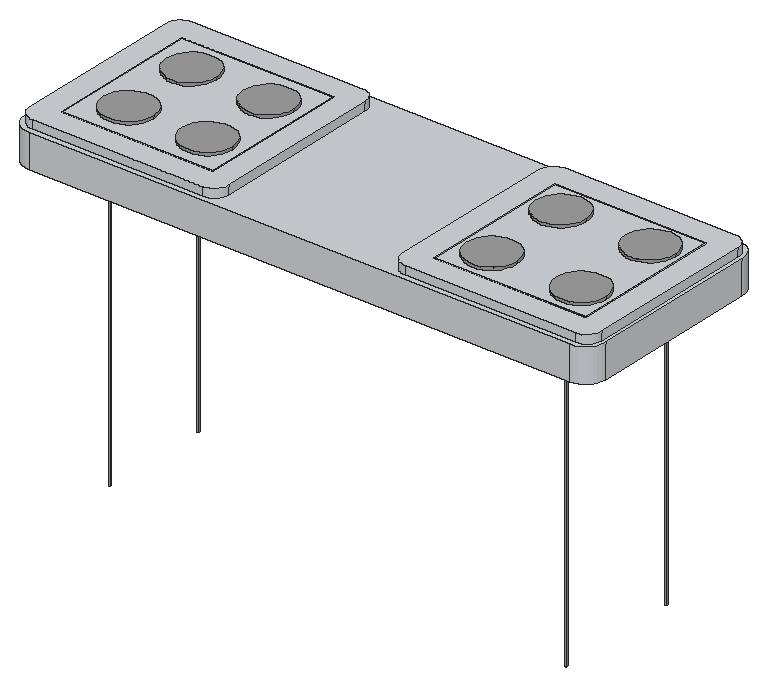
Revit family "Lighting-Industrial-GEWISS-SMART[4]HLO_HIGHBAYS-LED_2M_DALI", category Apparecchi per illuminazione, Revit 2019
Family settings
  Quota connettore circolare = Usa diametro
  Tipo di parte = Normale
  Numero OmniClass = 23.80.70.00
  Titolo OmniClass = Lighting
  Basato su piano di lavoro = Sì
  Sempre verticale = No
  Taglio con vuoti quando caricato = No
  Sorgente d'illuminazione = No
  Condiviso = No
  Punto di calcolo locali = No
Parameters (values of type "GWS4223BQ857 - SMART4HB 2M C.PAS.DALI HLO ELL.57K")
  Wiring = "With GW connect watertight connector"
  Weight (kg): = "6,5"
  Warranty = "5 years"
  Voltaggio = 230 V
  Version file RFA = "20.11"
  Unique digital code (Datamatrix) = "Datamatrix"
  Unified Glare Rating = "-"
  URL = "https://www.gewiss.com/ww/en"
  Type of light source = "LED - Not replaceable"
  Tilt- = "With bracket accessory"
  Technical sheet = "https://www.gewiss.com/ww/en/search?q=GWS4223BQ857"
  System power = "125W"
  Supply voltage = "220 - 240 V"
  Stocking temperature = "-40 +70 °C"
  Standards and approvals = "-"
  Standard- = "EN 60598-1 ; EN 60598-2-1 ; EN 60598-2-24"
  Standard Deviation Colour Matching = "SDCM = 3"
  Spostamento_y_etichetta [instance] = 0 mm
  Spostamento_y_effettivo_etichetta [instance] = 1500 mm - Spostamento_y_etichetta  # 1500 mm
  Spostamento_x_etichetta [instance] = 0 mm
  Spostamento_X_effettivo_etichetta [instance] = 1500 mm - Spostamento_x_etichetta  # 1500 mm
  Shock resistance = "IK08"
  Shield type = "Tempered glass Thickness 4mm"
  SEO = "High bay"
  Realized by GEWISS S.p.A. = ""
  Rated frequency (Hz) = "50/60 Hz"
  Produttore = "GEWISS S.p.A."
  Photobiological Risk Class = "RG0"
  Overvoltage protection = "DM 6 kV / CM 10 kV"
  Optic and illuminating features = "-"
  Optic Maintenance = "Non-replaceable"
  Optic : = "Metallic PC reflector and PMMA lenses"
  Optic = "Elliptical"
  Operating temperature : = "-30°C ÷ +50 °C"
  Offset etichetta W [instance] = 150 mm
  Mouting and installation = "Ceiling - Wallmounting - Suspension"
  Modello = "GWS4223BQ857"
  Maximum surface exposed to the wind : = "0,184 m²"
  Materials = "-"
  Luminaire = "LED Industrial Reflector "
  Lumen output (lm) = "16000"
  Locking Hook = "-"
  Lifetime = "L90B10 (Tq+25°C) = 100.000 h - L90B10 (Tq+50°C) = 50.000 h"
  Lampada = "LED"
  LED Maintenance = "Non-replaceable"
  Insulation class = "I"
  Installationa and maintenance = "-"
  Immagine tipo = GWL1311.jpg
  IPEA = "-"
  IP degree = "IP66"
  IFC.TypeObject = ""
  IFC.ExportType = ""
  IFC.ExportAs = ""
  IDT = "39c294b6b8a14fd39c4f066ec01eb55a"
  IDF = "f4da8922-e4a4-4281-b810-fd63fbdeb46b"
  Glow Wire Test : = "850 °C"
  General information = "-"
  Gasket = "anti-aging silicone"
  Fixing = "-"
  External screw = "Stainless steel"
  Etichetta wattaggio [instance] = yes
  Trasformatore = none
  Struttura plafoniera = none
  Spessore plafoniera = 40 mm  # constant formula
  Default Elevation = 1219.2 mm  # constant formula
  Proiettsmart2_simb [instance] = yes
  Plafoniera bidimensionale [instance] = not(Proiettsmart2_simb)  # no
  Eletrical and lighting features = "-"
  Electrocod = "2444"
  Efficiency (lm/W) = "128"
  Driver Box = "Built-in"
  Driver = "Included"
  Device with reduced surface temperature = "Yes"
  Descrizione = "SMART[4]HB 2M C.PAS.DALI HLO ELL.57K"
  DIN 18032-3 certification = "With Bracket - Rope Kit + terminal&nbsp;(in approval)"
  Control System : = "DALI"
  Control System = "1 x DALI DT6"
  Context = "Lighting for industries and sports facilities"
  Commenti sul wattaggio = "97W"
  Colour temperature = "5700K"
  Colour : = "Grey RAL 7035"
  Colour = "Grey RAL 7035"
  Color Rendering Index = "CRI-80"
  Classificazione = Lighting
  Classification: = "-"
  Catalogue = "LIGHTING"
  Carico apparente = 97 VA
  Motore = none
  Mascherina = none
  Lunghezza = 699 mm  # constant formula
  Larghezza = 254 mm  # constant formula
  Distanza_tot_plafoniera [instance] = 350 mm
  Dist_sorg_lum = 10 mm  # constant formula
  COBie.Tagnumber = ""
  COBie.CreatedOn = ""
  COBie.CreatebBy = ""
  COBie.ComponentRegisterItemID = ""
  COBie.Component.TagNumber = ""
  COBie.Component.Space = ""
  COBie.Component.SerialNumber = ""
  COBie.Component.InstallationDate = ""
  COBie.Component.Description = ""
  COBie.Component.BarCode = ""
  Body = "PA6 \"Halogen Free\" loaded fibreglass"
  Application = "Internal"
Types (36, lengths in mm): name | Unified Glare Rating | Technical sheet | SEO | Optic : | Optic | Modello | Lumen output (lm) | IDT | Efficiency (lm/W) | Descrizione | Colour temperature
  GWS4221BA830 - SMART4HB 2M ST.AL.DALI HLO ARR.30K | "-" | "https://www.gewiss.com/ww/en/search?q=GWS4221BA830" | "" | "Metallized polycarbonate reflector" | "Array" | "GWS4221BA830" | "17200" | "305e0802b2884175b0874d66c9454589" | "138" | "SMART[4]HB 2M ST.AL.DALI HLO ARR.30K" | "3000K"
  GWS4221BA840 - SMART4HB 2M ST.AL.DALI HLO ARR.40K | "-" | "https://www.gewiss.com/ww/en/search?q=GWS4221BA840" | "" | "Metallized polycarbonate reflector" | "Array" | "GWS4221BA840" | "18000" | "48319b3e242d4ee285eba191c9bc2b0f" | "144" | "SMART[4]HB 2M ST.AL.DALI HLO ARR.40K" | "4000K"
  GWS4221BA857 - SMART4HB 2M ST.AL.DALI HLO ARR.57K | "-" | "https://www.gewiss.com/ww/en/search?q=GWS4221BA857" | "" | "Metallized polycarbonate reflector" | "Array" | "GWS4221BA857" | "18000" | "3c1aeb9812f744e1b2b858ce26ab9a16" | "144" | "SMART[4]HB 2M ST.AL.DALI HLO ARR.57K" | "5700K"
  GWS4221BC830 - SMART4HB 2M ST.AL.DALI HLO ASI.30K | "-" | "https://www.gewiss.com/ww/en/search?q=GWS4221BC830" | "High bay" | "Metallic PC reflector and PMMA lenses" | "Asymmetrical" | "GWS4221BC830" | "15300" | "7c4953b1abbe41f4958dd8a6f2de9172" | "122" | "SMART[4]HB 2M ST.AL.DALI HLO ASI.30K" | "3000K"
  GWS4221BC840 - SMART4HB 2M ST.AL.DALI HLO ASI.40K | "-" | "https://www.gewiss.com/ww/en/search?q=GWS4221BC840" | "High bay" | "Metallic PC reflector and PMMA lenses" | "Asymmetrical" | "GWS4221BC840" | "16000" | "e99936a2076548a6b28538c318da1b29" | "128" | "SMART[4]HB 2M ST.AL.DALI HLO ASI.40K" | "4000K"
  GWS4221BC857 - SMART4HB 2M ST.AL.DALI HLO ASI.57K | "-" | "https://www.gewiss.com/ww/en/search?q=GWS4221BC857" | "High bay" | "Metallic PC reflector and PMMA lenses" | "Asymmetrical" | "GWS4221BC857" | "16000" | "32a4a94094b94617b264ea332f4f5866" | "128" | "SMART[4]HB 2M ST.AL.DALI HLO ASI.57K" | "5700K"
  GWS4221BF830 - SMART4HB 2M ST.AL.DALI HLO 30° 30K | "UGR - 19" | "https://www.gewiss.com/ww/en/search?q=GWS4221BF830" | "" | "Metallic PC reflector and PMMA lenses" | "30°" | "GWS4221BF830" | "16800" | "5d796a9debff438fbed19822c3126807" | "134" | "SMART[4]HB 2M ST.AL.DALI HLO 30° 30K" | "3000K"
  GWS4221BF840 - SMART4HB 2M ST.AL.DALI HLO 30° 40K | "UGR - 19" | "https://www.gewiss.com/ww/en/search?q=GWS4221BF840" | "" | "Metallic PC reflector and PMMA lenses" | "30°" | "GWS4221BF840" | "17600" | "3dde815b2b5e4de4a401dcf715a18fa9" | "141" | "SMART[4]HB 2M ST.AL.DALI HLO 30° 40K" | "4000K"
  GWS4221BF857 - SMART4HB 2M ST.AL.DALI HLO 30° 57K | "UGR - 19" | "https://www.gewiss.com/ww/en/search?q=GWS4221BF857" | "" | "Metallic PC reflector and PMMA lenses" | "30°" | "GWS4221BF857" | "17600" | "257de16ae83b4cedbe76fd9b6356118a" | "141" | "SMART[4]HB 2M ST.AL.DALI HLO 30° 57K" | "5700K"
  GWS4221BH830 - SMART4HB 2M ST.AL.DALI HLO 60° 30K | "UGR - 22" | "https://www.gewiss.com/ww/en/search?q=GWS4221BH830" | "" | "Metallic PC reflector and PMMA lenses" | "60°" | "GWS4221BH830" | "16900" | "10869d9e82b04fc0b956685fb65c71b2" | "135" | "SMART[4]HB 2M ST.AL.DALI HLO 60° 30K" | "3000K"
  GWS4221BH840 - SMART4HB 2M ST.AL.DALI HLO 60° 40K | "UGR - 22" | "https://www.gewiss.com/ww/en/search?q=GWS4221BH840" | "" | "Metallic PC reflector and PMMA lenses" | "60°" | "GWS4221BH840" | "17700" | "f1c80ae7559e4c568e0ba52d3bc9e502" | "142" | "SMART[4]HB 2M ST.AL.DALI HLO 60° 40K" | "4000K"
  GWS4221BH857 - SMART4HB 2M ST.AL.DALI HLO 60° 57K | "UGR - 22" | "https://www.gewiss.com/ww/en/search?q=GWS4221BH857" | "" | "Metallic PC reflector and PMMA lenses" | "60°" | "GWS4221BH857" | "17700" | "61e26b36097849a9ba1caefbbecaa66f" | "142" | "SMART[4]HB 2M ST.AL.DALI HLO 60° 57K" | "5700K"
  GWS4221BP830 - SMART4HB 2M ST.AL.DALI HLO 90° 30K | "UGR - 25" | "https://www.gewiss.com/ww/en/search?q=GWS4221BP830" | "" | "Metallic PC reflector and PMMA lenses" | "90°" | "GWS4221BP830" | "17200" | "8468c4e85319452487319a8fe9c7d5da" | "138" | "SMART[4]HB 2M ST.AL.DALI HLO 90° 30K" | "3000K"
  GWS4221BP840 - SMART4HB 2M ST.AL.DALI HLO 90° 40K | "UGR - 25" | "https://www.gewiss.com/ww/en/search?q=GWS4221BP840" | "" | "Metallic PC reflector and PMMA lenses" | "90°" | "GWS4221BP840" | "18000" | "f79bd0b1581246f18cf113cb2fa03b1b" | "144" | "SMART[4]HB 2M ST.AL.DALI HLO 90° 40K" | "4000K"
  GWS4221BP857 - SMART4HB 2M ST.AL.DALI HLO 90° 57K | "UGR - 25" | "https://www.gewiss.com/ww/en/search?q=GWS4221BP857" | "" | "Metallic PC reflector and PMMA lenses" | "90°" | "GWS4221BP857" | "18000" | "e50bbcf79bf04bb5a448bffeeb5c8177" | "144" | "SMART[4]HB 2M ST.AL.DALI HLO 90° 57K" | "5700K"
  GWS4221BQ830 - SMART4HB 2M ST.AL.DALI HLO ELL.30K | "-" | "https://www.gewiss.com/ww/en/search?q=GWS4221BQ830" | "High bay" | "Metallic PC reflector and PMMA lenses" | "Elliptical" | "GWS4221BQ830" | "15300" | "fa7b02eb74d142a69aadf27734c070be" | "122" | "SMART[4]HB 2M ST.AL.DALI HLO ELL.30K" | "3000K"
  GWS4221BQ840 - SMART4HB 2M ST.AL.DALI HLO ELL.40K | "-" | "https://www.gewiss.com/ww/en/search?q=GWS4221BQ840" | "High bay" | "Metallic PC reflector and PMMA lenses" | "Elliptical" | "GWS4221BQ840" | "16000" | "fe351b05a0584da595ccc50c46de26b2" | "128" | "SMART[4]HB 2M ST.AL.DALI HLO ELL.40K" | "4000K"
  GWS4221BQ857 - SMART4HB 2M ST.AL.DALI HLO ELL.57K | "-" | "https://www.gewiss.com/ww/en/search?q=GWS4221BQ857" | "High bay" | "Metallic PC reflector and PMMA lenses" | "Elliptical" | "GWS4221BQ857" | "16000" | "955ba562132b47e784c48787841d2224" | "128" | "SMART[4]HB 2M ST.AL.DALI HLO ELL.57K" | "5700K"
  GWS4223BA830 - SMART4HB 2M C.PAS.DALI HLO ARR.30K | "-" | "https://www.gewiss.com/ww/en/search?q=GWS4223BA830" | "" | "Metallized polycarbonate reflector" | "Array" | "GWS4223BA830" | "17200" | "09dd760ece9d4a65acaa602b856d1918" | "138" | "SMART[4]HB 2M C.PAS.DALI HLO ARR.30K" | "3000K"
  GWS4223BA840 - SMART4HB 2M C.PAS.DALI HLO ARR.40K | "-" | "https://www.gewiss.com/ww/en/search?q=GWS4223BA840" | "" | "Metallized polycarbonate reflector" | "Array" | "GWS4223BA840" | "18000" | "d71b1d5af3e145a4a84e8baba757184d" | "144" | "SMART[4]HB 2M C.PAS.DALI HLO ARR.40K" | "4000K"
  GWS4223BA857 - SMART4HB 2M C.PAS.DALI HLO ARR.57K | "-" | "https://www.gewiss.com/ww/en/search?q=GWS4223BA857" | "" | "Metallized polycarbonate reflector" | "Array" | "GWS4223BA857" | "18000" | "9a65faef871548169786bdd6eff75723" | "144" | "SMART[4]HB 2M C.PAS.DALI HLO ARR.57K" | "5700K"
  GWS4223BC830 - SMART4HB 2M C.PAS.DALI HLO ASI.30K | "-" | "https://www.gewiss.com/ww/en/search?q=GWS4223BC830" | "High bay" | "Metallic PC reflector and PMMA lenses" | "Asymmetrical" | "GWS4223BC830" | "15300" | "bacae56842af4feb960765c1a2b9d270" | "122" | "SMART[4]HB 2M C.PAS.DALI HLO ASI.30K" | "3000K"
  GWS4223BC840 - SMART4HB 2M C.PAS.DALI HLO ASI.40K | "-" | "https://www.gewiss.com/ww/en/search?q=GWS4223BC840" | "High bay" | "Metallic PC reflector and PMMA lenses" | "Asymmetrical" | "GWS4223BC840" | "16000" | "3c3e554b3ea249ee9d799c9974c81e16" | "128" | "SMART[4]HB 2M C.PAS.DALI HLO ASI.40K" | "4000K"
  GWS4223BC857 - SMART4HB 2M C.PAS.DALI HLO ASI.57K | "-" | "https://www.gewiss.com/ww/en/search?q=GWS4223BC857" | "High bay" | "Metallic PC reflector and PMMA lenses" | "Asymmetrical" | "GWS4223BC857" | "16000" | "668010aa2dbd41f8aef7a826e166a478" | "128" | "SMART[4]HB 2M C.PAS.DALI HLO ASI.57K" | "5700K"
  GWS4223BF830 - SMART4HB 2M C.PAS.DALI HLO 30° 30K | "UGR - 19" | "https://www.gewiss.com/ww/en/search?q=GWS4223BF830" | "" | "Metallic PC reflector and PMMA lenses" | "30°" | "GWS4223BF830" | "16800" | "c2b793b1af36458690d7cd9fce4669f2" | "134" | "SMART[4]HB 2M C.PAS.DALI HLO 30° 30K" | "3000K"
  GWS4223BF840 - SMART4HB 2M C.PAS.DALI HLO 30° 40K | "UGR - 19" | "https://www.gewiss.com/ww/en/search?q=GWS4223BF840" | "" | "Metallic PC reflector and PMMA lenses" | "30°" | "GWS4223BF840" | "17600" | "da9d660181c14e68a118e0de6e40edab" | "141" | "SMART[4]HB 2M C.PAS.DALI HLO 30° 40K" | "4000K"
  GWS4223BF857 - SMART4HB 2M C.PAS.DALI HLO 30° 57K | "UGR - 19" | "https://www.gewiss.com/ww/en/search?q=GWS4223BF857" | "" | "Metallic PC reflector and PMMA lenses" | "30°" | "GWS4223BF857" | "17600" | "c8d049504ebf4cf1a9a7d355a2686192" | "141" | "SMART[4]HB 2M C.PAS.DALI HLO 30° 57K" | "5700K"
  GWS4223BH830 - SMART4HB 2M C.PAS.DALI HLO 60° 30K | "UGR - 22" | "https://www.gewiss.com/ww/en/search?q=GWS4223BH830" | "" | "Metallic PC reflector and PMMA lenses" | "60°" | "GWS4223BH830" | "16900" | "4d4218b0c72d4efaaca4012e7a23380b" | "135" | "SMART[4]HB 2M C.PAS.DALI HLO 60° 30K" | "3000K"
  GWS4223BH840 - SMART4HB 2M C.PAS.DALI HLO 60° 40K | "UGR - 22" | "https://www.gewiss.com/ww/en/search?q=GWS4223BH840" | "" | "Metallic PC reflector and PMMA lenses" | "60°" | "GWS4223BH840" | "17700" | "568d756372c746129af189eb7106c012" | "142" | "SMART[4]HB 2M C.PAS.DALI HLO 60° 40K" | "4000K"
  GWS4223BH857 - SMART4HB 2M C.PAS.DALI HLO 60° 57K | "UGR - 22" | "https://www.gewiss.com/ww/en/search?q=GWS4223BH857" | "" | "Metallic PC reflector and PMMA lenses" | "60°" | "GWS4223BH857" | "17700" | "cceff376ef5b4e8995f045f2c5f3c4ba" | "142" | "SMART[4]HB 2M C.PAS.DALI HLO 60° 57K" | "5700K"
  GWS4223BP830 - SMART4HB 2M C.PAS.DALI HLO 90° 30K | "UGR - 25" | "https://www.gewiss.com/ww/en/search?q=GWS4223BP830" | "" | "Metallic PC reflector and PMMA lenses" | "90°" | "GWS4223BP830" | "17200" | "2d2d75176468466c8814f44ae1f5afd7" | "138" | "SMART[4]HB 2M C.PAS.DALI HLO 90° 30K" | "3000K"
  GWS4223BP840 - SMART4HB 2M C.PAS.DALI HLO 90° 40K | "UGR - 25" | "https://www.gewiss.com/ww/en/search?q=GWS4223BP840" | "" | "Metallic PC reflector and PMMA lenses" | "90°" | "GWS4223BP840" | "18000" | "082f14df5728403b94540236ceea066b" | "144" | "SMART[4]HB 2M C.PAS.DALI HLO 90° 40K" | "4000K"
  GWS4223BP857 - SMART4HB 2M C.PAS.DALI HLO 90° 57K | "UGR - 25" | "https://www.gewiss.com/ww/en/search?q=GWS4223BP857" | "" | "Metallic PC reflector and PMMA lenses" | "90°" | "GWS4223BP857" | "18000" | "5ca4f557298944859cfae75bda091273" | "144" | "SMART[4]HB 2M C.PAS.DALI HLO 90° 57K" | "5700K"
  GWS4223BQ830 - SMART4HB 2M C.PAS.DALI HLO ELL.30K | "-" | "https://www.gewiss.com/ww/en/search?q=GWS4223BQ830" | "High bay" | "Metallic PC reflector and PMMA lenses" | "Elliptical" | "GWS4223BQ830" | "15300" | "af831e7ad3cb431ba3228858a17b9c0a" | "122" | "SMART[4]HB 2M C.PAS.DALI HLO ELL.30K" | "3000K"
  GWS4223BQ840 - SMART4HB 2M C.PAS.DALI HLO ELL.40K | "-" | "https://www.gewiss.com/ww/en/search?q=GWS4223BQ840" | "High bay" | "Metallic PC reflector and PMMA lenses" | "Elliptical" | "GWS4223BQ840" | "16000" | "e7a13dc711434b819b8df68dc097b4dc" | "128" | "SMART[4]HB 2M C.PAS.DALI HLO ELL.40K" | "4000K"
  GWS4223BQ857 - SMART4HB 2M C.PAS.DALI HLO ELL.57K | "-" | "https://www.gewiss.com/ww/en/search?q=GWS4223BQ857" | "High bay" | "Metallic PC reflector and PMMA lenses" | "Elliptical" | "GWS4223BQ857" | "16000" | "39c294b6b8a14fd39c4f066ec01eb55a" | "128" | "SMART[4]HB 2M C.PAS.DALI HLO ELL.57K" | "5700K"
Reference planes
  plane 1 "Asse sorgente illuminazione (F/B)": y = 0
  plane 2: z = 0
  plane 3 "Asse sorgente illuminazione (L/R)": x = 0
  plane 4 "Prospetto sorgente di illuminazione": z = 1500
  plane 5: x = -349.5
  plane 6: y = 127
  plane 7: x = 349.5
  plane 8: y = -127
  plane 9: x = 344.5
  plane 10: x = -344.5
  plane 11: x = -104.5
  plane 12: x = 104.5
  plane 13: y = -1500
  plane 14: z = 390
  plane 15: z = 390
  plane 16: z = 400
  plane 17: z = 350
  plane 18: y = 0
  plane 19: x = -1500
  plane 20: x = 0
Dimensions and locks
  equal spacing: plane 6, plane 1 "Asse sorgente illuminazione (F/B)", plane 8
  "Larghezza": plane 6 to plane 8
  equal spacing: plane 5, plane 3 "Asse sorgente illuminazione (L/R)", plane 7
  "Lunghezza": plane 5 to plane 7
  locked: plane 5 to plane 10 at 5
  locked: plane 9 to plane 7 at 5
  locked: plane 16 to plane 14 at 10
  locked: plane 15 to plane 17 at 40
  "Distanza_tot_plafoniera": plane 17 to plane 2
  plane 1 "Asse sorgente illuminazione (F/B)" to plane 13 = 1500 mm
  "Spostamento_y_effettivo_etichetta": plane 18 to plane 13
  plane 19 to plane 3 "Asse sorgente illuminazione (L/R)" = 1500 mm
  "Spostamento_X_effettivo_etichetta": plane 19 to plane 20
  aligned and locked: level to plane 2
  aligned and locked: nested 15 to plane 14
  aligned and locked: plane 14 to nested 16
  aligned and locked: plane 16 to nested 8
  aligned and locked: nested 6 to plane 16
  aligned and locked: plane 16 to nested 7
  aligned and locked: nested 5 to plane 16
  aligned and locked: nested 3 to plane 16
  aligned and locked: plane 16 to nested 1
  aligned and locked: nested 4 to plane 16
  aligned and locked: plane 16 to nested 2
  aligned and locked: nested 11 to plane 2  (x2)
  aligned and locked: nested 10 to plane 2
  aligned and locked: nested 9 to plane 2
  aligned and locked: plane 14 to plane 15
  aligned and locked: plane 17 to nested 14
  aligned and locked: nested 17 to plane 18
  aligned and locked: nested 17 to plane 20
  aligned and locked: plane 2 to nested 18
  aligned and locked: plane 2 to nested 11
Nested families
  nested 1: "Gewis - Led" at (171.717, 52, 403), type "Gewis - Led", detail levels medium+fine
  nested 2: "Gewis - Led" at (279.5, 52, 403), type "Gewis - Led", detail levels medium+fine
  nested 3: "Gewis - Led" at (171.717, -52, 403), type "Gewis - Led", detail levels medium+fine
  nested 4: "Gewis - Led" at (279.5, -52, 403), type "Gewis - Led", detail levels medium+fine
  nested 5: "Gewis - Led" at (-174.5, 45, 403) x (-1, 0, 0) z (0, 0, 1), type "Gewis - Led", detail levels medium+fine
  nested 6: "Gewis - Led" at (-269.5, 47.625, 403) x (-1, 0, 0) z (0, 0, 1), type "Gewis - Led", detail levels medium+fine
  nested 7: "Gewis - Led" at (-174.5, -47.089, 403) x (-1, 0, 0) z (0, 0, 1), type "Gewis - Led", detail levels medium+fine
  nested 8: "Gewis - Led" at (-269.5, -47.089, 403) x (-1, 0, 0) z (0, 0, 1), type "Gewis - Led", detail levels medium+fine
  nested 9: "Sospensione_ SMART LAB 4" at (274.838, 81.5, 0), Altezza sospensione <- "Distanza_tot_plafoniera", type "Sospensione_ SMART LAB 4"
    with Altezza sospensione 350 mm, Default Elevation 350 mm
  nested 10: "Sospensione_ SMART LAB 4" at (274.838, -69, 0), Altezza sospensione <- "Distanza_tot_plafoniera", type "Sospensione_ SMART LAB 4"
    with Altezza sospensione 350 mm, Default Elevation 350 mm
  nested 11: "Sospensione_ SMART LAB 4" at (-276.662, -66.5, 0), Altezza sospensione <- "Distanza_tot_plafoniera", type "Sospensione_ SMART LAB 4"
    with Altezza sospensione 350 mm, Default Elevation 350 mm
  nested 12: "PROIETTSMART - 2" at (0, 0, 0), visible <- "Proiettsmart2_simb", type "PROIETTSMART - 2"
  nested 13: "Rappr_ bidimensionale_SMART (4)  4 + 4 L " at (0, 0, 0), visible <- "Plafoniera bidimensionale", type "SMART (4)  4 + 4 L_bidimensionale "
  nested 14: "Struttura_SMART 4" at (0, 0, 390), type "SMART 4 HB - 4+4L"
  nested 15: "mascherina_SMART (4)" at (-224.5, 0, 400) x (-1, 0, 0) z (0, 0, 1), type "Maschera_smart (4) 4L", detail levels fine
  nested 16: "mascherina_SMART (4)" at (224.5, 0, 400), type "Maschera_smart (4) 4L", detail levels fine
  nested 17: "ETICHETTA LIGHT" at (0, 0, 0), type "ETICHETTA LIGHT"
  nested 18: "Sospensione_ SMART LAB 4" at (-276.662, 66.5, 0), Altezza sospensione <- "Distanza_tot_plafoniera", type "Sospensione_ SMART LAB 4"
    with Altezza sospensione 350 mm, Default Elevation 350 mm
Connectors
  electrical at (0.009, -0.098, 350), driven by "Carico apparente"
    settings: on nested 14, index 1, voltage 230 V, apparent load 0 VA, apparent load phase1 97 VA, apparent load phase2 0 VA, apparent load phase3 0 VA, power factor 1, load classification "Lighting", number of poles 2, system type 31, power factor state 1, is connector primary yes, connector utility no, sub classification motor no, connector description ""
Definition of nested family "Gewis - Led"
  Parameters (values of type "Gewis - Led")
    Vetro = none
    Raggio led = 30 mm
    Default Elevation = 1219.2 mm
    Estensione vetro = 3 mm
  Reference planes
    plane 1 "Centro (Fronte/Retro)": y = 0
    plane 2: z = 0
    plane 3 "Centro (Sinistra/Destra)": x = 0
  Forms (mm)
    Extrusion 1, solid, material <- "Vetro"
      sketch origin (0, 0, 0) x (1, 0, 0) y (0, 1, 0)
        loop
          circle (0, 0) r 30
      from -3 to 0
  Dimensions and locks
    "Estensione vetro": level to Extrusion 1
    "Raggio led": radius of Extrusion 1 sketch curve
    aligned and locked: level to plane 2
    aligned and locked: level to Extrusion 1
  Automatic sketch dimensions
    plane 1 "Centro (Fronte/Retro)" to Extrusion 1 sketch curve = 0 mm
    Extrusion 1 sketch curve to plane 3 "Centro (Sinistra/Destra)" = 0 mm
Definition of nested family "Sospensione_ SMART LAB 4"
  Parameters (values of type "Sospensione_ SMART LAB 4")
    Default Elevation = 400 mm
    Altezza sospensione [instance] = 500 mm
  Reference planes
    plane 1 "Center (Front/Back)": y = 0
    plane 2: z = 0
    plane 3 "Center (Left/Right)": x = 0
    plane 4: z = 500
    plane 5: z = 30.7
  Forms (mm)
    Extrusion 1, solid
      sketch origin (0, 0, 0) x (1, 0, 0) y (0, 1, 0)
        loop
          circle (0, -0.028) r 1.25
      from 0 to 500
  Lines and regions (mm)
    model lines, not visible
      curve 1: line (0, 0, 0) -> (0, 0, 9.482)
  Dimensions and locks
    "Altezza sospensione": plane 4 to level
    plane 2 to plane 4 = 500 mm
    aligned and locked: level to plane 2
    aligned and locked: Extrusion 1 to plane 2
    aligned and locked: plane 4 to Extrusion 1
  Automatic sketch dimensions
    Extrusion 1 sketch curve to plane 3 "Center (Left/Right)" = 0 mm
    plane 1 "Center (Front/Back)" to Extrusion 1 sketch curve = 0.028 mm
    curve 1 to plane 3 "Center (Left/Right)" = 0 mm
    curve 1 to level = 0 mm
    curve 1 to curve 1 = 9.482 mm
    radius of Extrusion 1 sketch curve = 1.25 mm
Definition of nested family "Struttura_SMART 4"
  Parameters (values of type "SMART 4 HB - 4+4L")
    Struttura plafoniera = none
    Spessore_plafoniera = 40 mm
    Lunghezza = 699 mm
    Larghezza = 254 mm
  Types (2, lengths in mm): name | Lunghezza | Larghezza
    SMART Lab (4) 4L | 383 | 253
    SMART 4 HB - 4+4L | 699 | 254
  Reference planes
    plane 1 "Asse sorgente illuminazione (F/B)": y = 0
    plane 2: z = 0
    plane 3 "Asse sorgente illuminazione (L/R)": x = 0
    plane 4 "Prospetto sorgente di illuminazione": z = -40
    plane 5 "SX": x = -349.5
    plane 6 "DX": x = 349.5
    plane 7 "DIETRO": y = 127
    plane 8 "AVANTI": y = -127
    plane 9: x = 106.5
    plane 10: x = 338.5
    plane 11: y = -116
    plane 12: y = 116
    plane 13: x = -338.5
    plane 14: x = -106.5
  Forms (mm)
    Extrusion 1, solid, material <- "Struttura plafoniera"
      sketch origin (0, 0, 0) x (1, 0, 0) y (0, 1, 0)
        loop
          line (349.5, -102.595) -> (349.5, 102.59)
          arc (349.5, 102.59) -> (342.35, 119.85) -> (325.09, 127) r 24.41
          line (325.09, 127) -> (-325.009, 127)
          arc (-325.009, 127) -> (-342.554, 119.6) -> (-349.5, 101.871) r 24.499
          line (-349.5, 101.871) -> (-349.5, -102.592)
          arc (-349.5, -102.592) -> (-342.351, -119.851) -> (-325.092, -127) r 24.408
          line (-325.092, -127) -> (325.117, -127)
          arc (325.117, -127) -> (342.334, -119.868) -> (349.465, -102.652) r 24.348
      from -40 to 0
  Dimensions and locks
    equal spacing: plane 5 "SX", plane 3 "Asse sorgente illuminazione (L/R)", plane 6 "DX"
    equal spacing: plane 7 "DIETRO", plane 1 "Asse sorgente illuminazione (F/B)", plane 8 "AVANTI"
    "Lunghezza": plane 5 "SX" to plane 6 "DX"
    "Larghezza": plane 7 "DIETRO" to plane 8 "AVANTI"
    locked: plane 7 "DIETRO" to plane 12 at 11
    locked: plane 11 to plane 8 "AVANTI" at 11
    locked: plane 10 to plane 6 "DX" at 11
    locked: plane 9 to plane 10 at 232
    plane 13 to plane 14 = 232 mm
    locked: plane 5 "SX" to plane 13 at 11
    "Spessore_plafoniera": plane 2 to plane 4 "Prospetto sorgente di illuminazione"
    aligned and locked: level to plane 2
    aligned and locked: Extrusion 1 to plane 5 "SX"
    aligned and locked: Extrusion 1 to plane 8 "AVANTI"  (x2)
    aligned and locked: plane 7 "DIETRO" to Extrusion 1
    aligned and locked: plane 6 "DX" to Extrusion 1
    aligned and locked: plane 4 "Prospetto sorgente di illuminazione" to Extrusion 1
    aligned and locked: plane 2 to Extrusion 1
  Automatic sketch dimensions
    Extrusion 1 sketch curve to plane 5 "SX" = 0 mm
    Extrusion 1 sketch curve to plane 8 "AVANTI" = 0 mm
    Extrusion 1 sketch curve to plane 7 "DIETRO" = 0 mm
    Extrusion 1 sketch curve to plane 6 "DX" = 0 mm
    plane 13 to Extrusion 1 sketch curve = 13.408 mm
    plane 13 to Extrusion 1 sketch curve = 13.491 mm
    Extrusion 1 sketch curve to plane 10 = 13.41 mm
    Extrusion 1 sketch curve to plane 10 = 13.383 mm
    plane 11 to Extrusion 1 sketch curve = 13.348 mm
    Extrusion 1 sketch curve to plane 12 = 14.129 mm
    Extrusion 1 sketch curve to Extrusion 1 sketch curve = 0.056 mm
Definition of nested family "mascherina_SMART (4)"
  Parameters (values of type "Maschera_smart (4) 4L")
    Spessore_mascherina = 10 mm
    Default Elevation = 1219.2 mm
    N.intarsi = (Lunghezza_mascherina - (Bordo * 2)) / 15 mm  # 12
    N._intarsi verticale = (Larghezza_mascherina - (Bordo * 2)) / 17 mm  # 11
    Mascherina = none
    Lunghezza_mascherina = 240 mm
    Larghezza_mascherina = 240 mm
    Distanza_intarsi v. = 41 mm  # constant formula
    Distanza_intarsi = 37 mm  # constant formula
    Bordo = 29 mm
  Reference planes
    plane 1 "Centro (Fronte/Retro)": y = 0
    plane 2: z = 0
    plane 3 "Centro (Sinistra/Destra)": x = 0
    plane 4: x = -120
    plane 5 "Dietro": y = 120
    plane 6: x = 120
    plane 7: y = -120
    plane 8: x = -91
    plane 9: y = -91
    plane 10: x = 91
    plane 11: y = 91
    plane 12: x = -83
    plane 13: y = 94.742
    plane 14: y = -95
    plane 15: z = -10
    plane 16: x = -95
    plane 17: y = 79
    plane 18: y = -79
    plane 19: x = 95
    plane 20: z = -4.799
  Forms (mm)
    Extrusion 1, solid, material <- "Mascherina"
      sketch origin (0, 0, 0) x (1, 0, 0) y (0, 1, 0)
        loop
          arc (-102.5, 120) -> (-114.874, 114.874) -> (-120, 102.5) r 17.5
          line (-120, 102.5) -> (-120, -102.5)
          arc (-120, -102.5) -> (-114.874, -114.874) -> (-102.5, -120) r 17.5
          line (-102.5, -120) -> (102.5, -120)
          arc (102.5, -120) -> (114.874, -114.874) -> (120, -102.5) r 17.5
          line (120, -102.5) -> (120, 102.5)
          arc (120, 102.5) -> (114.874, 114.874) -> (102.5, 120) r 17.5
          line (102.5, 120) -> (-102.5, 120)
        loop
          line (-91, 91) -> (-91, -91) -> (91, -91) -> (91, 91) -> (-91, 91)
      from -10 to 0
    Extrusion 2, solid, material <- "Mascherina"
      sketch origin (0, 0, 0) x (1, 0, 0) y (0, 1, 0)
        loop
          line (-91, 91) -> (-91, -91) -> (91, -91) -> (91, 91) -> (-91, 91)
      from -4.799 to 0
  Dimensions and locks
    equal spacing: plane 4, plane 3 "Centro (Sinistra/Destra)", plane 6
    "Lunghezza_mascherina": plane 4 to plane 6
    equal spacing: plane 5 "Dietro", plane 1 "Centro (Fronte/Retro)", plane 7
    "Larghezza_mascherina": plane 5 "Dietro" to plane 7
    "Bordo": plane 4 to plane 8
    "Bordo": plane 9 to plane 7
    "Bordo": plane 5 "Dietro" to plane 11
    "Bordo": plane 10 to plane 6
    "Distanza_intarsi": plane 4 to plane 12
    locked: plane 13 to plane 11 at 3.742
    "Spessore_mascherina": plane 2 to plane 15
    "Distanza_intarsi v.": plane 5 "Dietro" to plane 17
    "Distanza_intarsi v.": plane 18 to plane 7
    locked: plane 9 to plane 14 at 4
    locked: plane 16 to plane 8 at 4
    locked: plane 10 to plane 19 at 4
    locked: plane 2 to plane 20 at 4.799
    radius of Extrusion 1 sketch curve = 17.5 mm  (x4)
    aligned and locked: level to plane 2
    aligned and locked: plane 4 to Extrusion 1 sketch curve
    aligned and locked: plane 6 to Extrusion 1 sketch curve
    aligned and locked: Extrusion 1 sketch curve to plane 5 "Dietro"
    aligned and locked: Extrusion 1 sketch curve to plane 7
    aligned and locked: Extrusion 1 sketch curve to plane 11
    aligned and locked: plane 8 to Extrusion 1 sketch curve
    aligned and locked: plane 9 to Extrusion 1 sketch curve
    aligned and locked: Extrusion 1 sketch curve to plane 10
    aligned and locked: plane 2 to Extrusion 1
    aligned and locked: Extrusion 1 to plane 15
    aligned and locked: Extrusion 2 sketch curve to plane 10
    aligned and locked: plane 9 to Extrusion 2 sketch curve
    aligned and locked: plane 8 to Extrusion 2 sketch curve
    aligned and locked: Extrusion 2 sketch curve to plane 11
    aligned and locked: plane 2 to Extrusion 2
    aligned and locked: Extrusion 2 to plane 20
Definition of nested family "PROIETTSMART - 2"
  Reference planes
    plane 1 "Centro (Fronte/Retro)": y = 0
    plane 2: z = 0
    plane 3 "Centro (Sinistra/Destra)": x = 0
  Lines and regions (mm)
    model lines, in view "Livello rif."
      curve 1: line (87.132, -21.515, 0) -> (43.932, -0.008, 0)
      curve 2: line (43.932, -0.008, 0) -> (87.132, 21.758, 0)
      curve 3: line (87.132, 21.758, 0) -> (87.132, -21.515, 0)
      curve 4: line (43.932, 21.629, 0) -> (43.932, -21.645, 0)
      curve 5: line (43.932, -0.008, 0) -> (18.672, -0.008, 0)
      curve 6: line (87.132, 0.122, 0) -> (105.785, 0.122, 0)
      curve 7: line (128.701, 66.747, 0) -> (128.701, -66.747, 0)
      curve 8: line (128.701, -66.747, 0) -> (-131.299, -66.747, 0)
      curve 9: line (-131.299, -66.747, 0) -> (-131.299, 66.747, 0)
      curve 10: line (-131.299, 66.747, 0) -> (128.701, 66.747, 0)
      curve 11: line (12.311, 49.667, 0) -> (111.66, 49.667, 0)
      curve 12: line (111.66, 49.667, 0) -> (111.66, -49.683, 0)
      curve 13: line (111.66, -49.683, 0) -> (12.311, -49.683, 0)
      curve 14: line (12.311, -49.683, 0) -> (12.311, 49.667, 0)
      curve 15: line (-39.438, -21.515, 0) -> (-82.637, -0.008, 0)
      curve 16: line (-82.637, -0.008, 0) -> (-39.438, 21.758, 0)
      curve 17: line (-39.438, 21.758, 0) -> (-39.438, -21.515, 0)
      curve 18: line (-82.637, 21.629, 0) -> (-82.637, -21.645, 0)
      curve 19: line (-82.637, -0.008, 0) -> (-107.898, -0.008, 0)
      curve 20: line (-39.438, 0.122, 0) -> (-20.785, 0.122, 0)
      curve 21: line (-114.259, 49.667, 0) -> (-14.909, 49.667, 0)
      curve 22: line (-14.909, 49.667, 0) -> (-14.909, -49.683, 0)
      curve 23: line (-14.909, -49.683, 0) -> (-114.259, -49.683, 0)
      curve 24: line (-114.259, -49.683, 0) -> (-114.259, 49.667, 0)
Definition of nested family "Rappr_ bidimensionale_SMART (4)  4 + 4 L "
  Reference planes
    plane 1 "Centro (Fronte/Retro)": y = 0
    plane 2: z = 0
    plane 3 "Centro (Sinistra/Destra)": x = 0
  Lines and regions (mm)
    model lines, in view "Livello rif."
      curve 1: circle (175.602, 47.039, 0) r 28.619 normal (0, 0, 1)
      curve 2: circle (269.602, -46.961, 0) r 28.619 normal (0, 0, 1)
      curve 3: circle (175.602, -46.961, 0) r 28.619 normal (0, 0, 1)
      curve 4: circle (269.602, 47.039, 0) r 28.619 normal (0, 0, 1)
      curve 5: arc (103.203, -104.051, 0) -> (107.722, -114.924, 0) -> (118.601, -119.425, 0) r 15.398
      curve 6: arc (-118.547, -119.425, 0) -> (-107.659, -114.915, 0) -> (-103.149, -104.027, 0) r 15.398
      curve 7: arc (-103.149, 103.973, 0) -> (-107.668, 114.87, 0) -> (-118.571, 119.371, 0) r 15.398
      curve 8: arc (-326.571, 119.371, 0) -> (-337.453, 114.844, 0) -> (-341.945, 103.948, 0) r 15.398
      curve 9: arc (-341.945, -104.002, 0) -> (-337.444, -114.906, 0) -> (-326.547, -119.425, 0) r 15.398
      curve 10: arc (326.601, -119.425, 0) -> (337.498, -114.906, 0) -> (342, -104.002, 0) r 15.398
      curve 11: arc (342, 103.998, 0) -> (337.472, 114.878, 0) -> (326.577, 119.371, 0) r 15.398
      curve 12: arc (118.577, 119.371, 0) -> (107.713, 114.861, 0) -> (103.203, 103.997, 0) r 15.398
      curve 13: arc (-349.401, -104, 0) -> (-342.727, -120.168, 0) -> (-326.575, -126.881, 0) r 22.854
      curve 14: arc (-326.574, 126.827, 0) -> (-342.707, 120.133, 0) -> (-349.401, 104, 0) r 22.854
      curve 15: arc (349.455, 104, 0) -> (342.742, 120.152, 0) -> (326.574, 126.827, 0) r 22.854
      curve 16: arc (326.573, -126.881, 0) -> (342.761, -120.187, 0) -> (349.455, -104, 0) r 22.854
      curve 17: circle (-175.548, -47.093, 0) r 28.619 normal (0, 0, 1)
      curve 18: circle (-269.548, 46.907, 0) r 28.619 normal (0, 0, 1)
      curve 19: circle (-175.548, 46.907, 0) r 28.619 normal (0, 0, 1)
      curve 20: circle (-269.548, -47.093, 0) r 28.619 normal (0, 0, 1)
      curve 21: line (130.101, -92.527, 0) -> (130.101, 92.473, 0)
      curve 22: line (130.101, 92.473, 0) -> (315.101, 92.473, 0)
      curve 23: line (315.101, 92.473, 0) -> (315.101, -92.527, 0)
      curve 24: line (315.101, -92.527, 0) -> (130.101, -92.527, 0)
      curve 25: line (103.203, -104.051, 0) -> (103.203, 103.997, 0)
      curve 26: line (118.601, -119.425, 0) -> (326.601, -119.425, 0)
      curve 27: line (-326.547, -119.425, 0) -> (-118.547, -119.425, 0)
      curve 28: line (-103.149, -104.027, 0) -> (-103.149, 103.973, 0)
      curve 29: line (-326.571, 119.371, 0) -> (-118.571, 119.371, 0)
      curve 30: line (-341.945, -104.002, 0) -> (-341.945, 103.948, 0)
      curve 31: line (342, -104.002, 0) -> (342, 103.998, 0)
      curve 32: line (118.577, 119.371, 0) -> (326.577, 119.371, 0)
      curve 33: line (-349.401, -104, 0) -> (-349.401, 104, 0)
      curve 34: line (326.574, 126.827, 0) -> (-326.574, 126.827, 0)
      curve 35: line (349.455, -104, 0) -> (349.455, 104, 0)
      curve 36: line (326.573, -126.881, 0) -> (-326.575, -126.881, 0)
      curve 37: line (-130.047, -92.527, 0) -> (-315.047, -92.527, 0)
      curve 38: line (-315.047, -92.527, 0) -> (-315.047, 92.473, 0)
      curve 39: line (-315.047, 92.473, 0) -> (-130.047, 92.473, 0)
      curve 40: line (-130.047, 92.473, 0) -> (-130.047, -92.527, 0)
Definition of nested family "ETICHETTA LIGHT"
  Parameters (values of type "ETICHETTA LIGHT")
    COMMENTI = "236W"
  Reference planes
    plane 1: y = 0
    plane 2: x = 0
  Text (mm)
    label "COMMENTI" at (-0.057, 0.105, 0), shows "COMMENTI"
